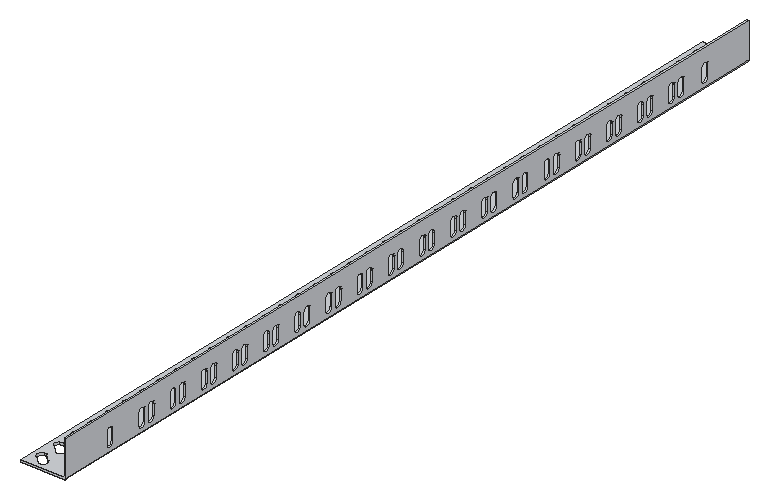
Revit family "Eurolan_Комплект профилей опорных L-типа до 150 кг", category Устройства связи, Revit 2019
Family settings
  Сохранять ориентацию аннотаций = Нет
  Размер круглого соединителя = Использовать диаметр
  Тип детали = Нормальный
  На основе рабочей плоскости = Нет
  Всегда вертикально = Да
  При загрузке вырезать с полостями = Нет
  Общий = Нет
  Точка расчета площади = Нет
Parameters (values of type "Комплект профилей опорных L-типа 1000 мм")
  Длина = 985 mm
  Выбор_графики = Комплект профилей опорных L-типа_985 : 985
  ADSK_Примечание = ""
  ADSK_Позиция = ""
  ADSK_Наименование краткое = "Комплект профилей опорных L-типа"
  ADSK_Наименование = "Комплект профилей опорных L-типа 1000 мм, до 150 кг"
  ADSK_Материал = Оценковка
  ADSK_Масса = 3.2
  ADSK_Марка = "L-типа"
  ADSK_Количество = 1  # constant formula
  ADSK_Код изделия = "60A-41-1A-11SL"
  ADSK_Завод-изготовитель = "Eurolan"  # constant formula
  ADSK_Единица измерения = "шт"  # constant formula
Types (5, lengths in mm): name | Длина | Выбор_графики | ADSK_Наименование | ADSK_Масса | ADSK_Код изделия
  (no name) | 985 | Комплект профилей опорных L-типа_985 : 985 | "Комплект профилей опорных L-типа 1000 мм, до 150 кг" | 3.2 | "60A-41-1A-11SL"
  Комплект профилей опорных L-типа 450 мм | 435 | Комплект профилей опорных L-типа_435 : 435 | "Комплект профилей опорных L-типа 450 мм, до 150 кг" | 1.4 | "60A-41-45-11SL"
  Комплект профилей опорных L-типа 580 мм | 565 | Комплект профилей опорных L-типа_565 : 565 | "Комплект профилей опорных L-типа 580 мм, до 150 кг" | 1.8 | "60A-41-58-11SL"
  Комплект профилей опорных L-типа 750 мм | 565 | Комплект профилей опорных L-типа_735 : 735 | "Комплект профилей опорных L-типа 750 мм, до 150 кг" | 2.4 | "60A-41-75-11SL"
  Комплект профилей опорных L-типа 1000 мм | 985 | Комплект профилей опорных L-типа_985 : 985 | "Комплект профилей опорных L-типа 1000 мм, до 150 кг" | 3.2 | "60A-41-1A-11SL"
Reference planes
  plane 1 "По центру (Вперед/Назад)": y = 0
  plane 2: z = 0
  plane 3 "По центру (Влево/Вправо)": x = 0
  plane 4: y = 985
Forms (mm)
  Extrusion 1, solid, material "Оценковка" <- "ADSK_Материал", detail levels coarse
    sketch origin (0, 0, 0) x (1, 0, 0) y (0, 0, 1)
      loop
        line (0, -0.058) -> (0, 42.5) -> (-53, 42.5) -> (-53, -0.058) -> (0, -0.058)
    from -985 to 0
  Extrusion 2, solid, material "Оценковка" <- "ADSK_Материал", detail levels medium
    sketch origin (0, 0, 0) x (1, 0, 0) y (0, 0, 1)
      loop
        line (-53, 1.942) -> (-53, -0.058) -> (0, -0.058) -> (0, 1.942) -> (0, 42.5) -> (-2, 42.5) -> (-2, 1.942) -> (-53, 1.942)
    from -985 to 0
Dimensions and locks
  "Длина": plane 1 "По центру (Вперед/Назад)" to plane 4
  aligned and locked: level to plane 2
  aligned and locked: plane 1 "По центру (Вперед/Назад)" to Extrusion 1
  aligned and locked: plane 1 "По центру (Вперед/Назад)" to Extrusion 2
  aligned and locked: Extrusion 2 to plane 4
  aligned and locked: Extrusion 1 to plane 4
Automatic sketch dimensions
  Extrusion 1 sketch curve to plane 3 "По центру (Влево/Вправо)" = 0 mm
  Extrusion 1 sketch curve to plane 3 "По центру (Влево/Вправо)" = 53 mm
  Extrusion 1 sketch curve to level = 0.058 mm
  level to Extrusion 1 sketch curve = 42.5 mm
  Extrusion 2 sketch curve to plane 3 "По центру (Влево/Вправо)" = 0 mm
  Extrusion 2 sketch curve to Extrusion 2 sketch curve = 2 mm
  Extrusion 2 sketch curve to Extrusion 2 sketch curve = 51 mm
  Extrusion 2 sketch curve to level = 0.058 mm
  Extrusion 2 sketch curve to Extrusion 2 sketch curve = 40.558 mm
  level to Extrusion 2 sketch curve = 1.942 mm  (x2)
Nested families
  nested 1: "Комплект профилей опорных L-типа_985" at (0, -6.5, 0), type <- "Выбор_графики", type "985", detail levels fine
Definition of nested family "Комплект профилей опорных L-типа_985"
  Parameters (values of type "985")
    Ширина = 53 mm
    Глубина_2 = 985 mm
    Высота = 42.5 mm
    ADSK_Материал = none
  Reference planes
    plane 1 "По центру (Вперед/Назад)": y = 0
    plane 2: z = -0.058
    plane 3 "По центру (Влево/Вправо)": x = 0
    plane 4: y = 991.5
    plane 5: y = 6.5
    plane 6: x = -53
    plane 7: z = 42.5
  Forms (mm)
    Extrusion 1, solid, material <- "ADSK_Материал", detail levels fine
      sketch origin (-1.409, 0, 14.93) x (-1, 0, 0) y (0, 0, -1)
        loop
          line (-1.409, -27.57) -> (0.591, -27.57) -> (0.591, 11.487)
          arc (0.591, 11.487) -> (1.031, 12.548) -> (2.092, 12.988) r 1.501
          line (2.092, 12.988) -> (51.591, 12.988) -> (51.591, 14.988) -> (0.092, 14.988)
          arc (0.092, 14.988) -> (-0.969, 14.548) -> (-1.409, 13.487) r 1.501
          line (-1.409, 13.487) -> (-1.409, -27.57)
      from -991.5 to -6.5
    Extrusion 2, void
      sketch origin (0, 0, 0) x (0, 1, 0) y (0, 0, 1)
        loop
          line (64.5, 22.721) -> (64.5, 10.529)
          arc (64.5, 10.529) -> (69.5, 5.529) -> (74.5, 10.529) r 5
          line (74.5, 10.529) -> (74.5, 22.721)
          arc (74.5, 22.721) -> (69.5, 27.721) -> (64.5, 22.721) r 5
        loop
          line (110.5, 22.721) -> (110.5, 10.529)
          arc (110.5, 10.529) -> (115.5, 5.529) -> (120.5, 10.529) r 5
          line (120.5, 10.529) -> (120.5, 22.721)
          arc (120.5, 22.721) -> (115.5, 27.721) -> (110.5, 22.721) r 5
        loop
          line (123.806, 22.721) -> (123.806, 10.529)
          arc (123.806, 10.529) -> (128.806, 5.529) -> (133.806, 10.529) r 5
          line (133.806, 10.529) -> (133.806, 22.721)
          arc (133.806, 22.721) -> (128.806, 27.721) -> (123.806, 22.721) r 5
        loop
          line (155.5, 22.721) -> (155.5, 10.529)
          arc (155.5, 10.529) -> (160.5, 5.529) -> (165.5, 10.529) r 5
          line (165.5, 10.529) -> (165.5, 22.721)
          arc (165.5, 22.721) -> (160.5, 27.721) -> (155.5, 22.721) r 5
        loop
          line (168.806, 22.721) -> (168.806, 10.529)
          arc (168.806, 10.529) -> (173.806, 5.529) -> (178.806, 10.529) r 5
          line (178.806, 10.529) -> (178.806, 22.721)
          arc (178.806, 22.721) -> (173.806, 27.721) -> (168.806, 22.721) r 5
        loop
          line (200.5, 22.721) -> (200.5, 10.529)
          arc (200.5, 10.529) -> (205.5, 5.529) -> (210.5, 10.529) r 5
          line (210.5, 10.529) -> (210.5, 22.721)
          arc (210.5, 22.721) -> (205.5, 27.721) -> (200.5, 22.721) r 5
        loop
          line (213.806, 22.721) -> (213.806, 10.529)
          arc (213.806, 10.529) -> (218.806, 5.529) -> (223.806, 10.529) r 5
          line (223.806, 10.529) -> (223.806, 22.721)
          arc (223.806, 22.721) -> (218.806, 27.721) -> (213.806, 22.721) r 5
        loop
          line (245.5, 22.721) -> (245.5, 10.529)
          arc (245.5, 10.529) -> (250.5, 5.529) -> (255.5, 10.529) r 5
          line (255.5, 10.529) -> (255.5, 22.721)
          arc (255.5, 22.721) -> (250.5, 27.721) -> (245.5, 22.721) r 5
        loop
          line (258.806, 22.721) -> (258.806, 10.529)
          arc (258.806, 10.529) -> (263.806, 5.529) -> (268.806, 10.529) r 5
          line (268.806, 10.529) -> (268.806, 22.721)
          arc (268.806, 22.721) -> (263.806, 27.721) -> (258.806, 22.721) r 5
        loop
          line (290.5, 22.721) -> (290.5, 10.529)
          arc (290.5, 10.529) -> (295.5, 5.529) -> (300.5, 10.529) r 5
          line (300.5, 10.529) -> (300.5, 22.721)
          arc (300.5, 22.721) -> (295.5, 27.721) -> (290.5, 22.721) r 5
        loop
          line (303.806, 22.721) -> (303.806, 10.529)
          arc (303.806, 10.529) -> (308.806, 5.529) -> (313.806, 10.529) r 5
          line (313.806, 10.529) -> (313.806, 22.721)
          arc (313.806, 22.721) -> (308.806, 27.721) -> (303.806, 22.721) r 5
        loop
          line (335.5, 22.721) -> (335.5, 10.529)
          arc (335.5, 10.529) -> (340.5, 5.529) -> (345.5, 10.529) r 5
          line (345.5, 10.529) -> (345.5, 22.721)
          arc (345.5, 22.721) -> (340.5, 27.721) -> (335.5, 22.721) r 5
        loop
          line (348.806, 22.721) -> (348.806, 10.529)
          arc (348.806, 10.529) -> (353.806, 5.529) -> (358.806, 10.529) r 5
          line (358.806, 10.529) -> (358.806, 22.721)
          arc (358.806, 22.721) -> (353.806, 27.721) -> (348.806, 22.721) r 5
        loop
          line (380.5, 22.721) -> (380.5, 10.529)
          arc (380.5, 10.529) -> (385.5, 5.529) -> (390.5, 10.529) r 5
          line (390.5, 10.529) -> (390.5, 22.721)
          arc (390.5, 22.721) -> (385.5, 27.721) -> (380.5, 22.721) r 5
        loop
          line (393.806, 22.721) -> (393.806, 10.529)
          arc (393.806, 10.529) -> (398.806, 5.529) -> (403.806, 10.529) r 5
          line (403.806, 10.529) -> (403.806, 22.721)
          arc (403.806, 22.721) -> (398.806, 27.721) -> (393.806, 22.721) r 5
        loop
          line (425.5, 22.721) -> (425.5, 10.529)
          arc (425.5, 10.529) -> (430.5, 5.529) -> (435.5, 10.529) r 5
          line (435.5, 10.529) -> (435.5, 22.721)
          arc (435.5, 22.721) -> (430.5, 27.721) -> (425.5, 22.721) r 5
        loop
          line (438.806, 22.721) -> (438.806, 10.529)
          arc (438.806, 10.529) -> (443.806, 5.529) -> (448.806, 10.529) r 5
          line (448.806, 10.529) -> (448.806, 22.721)
          arc (448.806, 22.721) -> (443.806, 27.721) -> (438.806, 22.721) r 5
        loop
          line (470.5, 22.721) -> (470.5, 10.529)
          arc (470.5, 10.529) -> (475.5, 5.529) -> (480.5, 10.529) r 5
          line (480.5, 10.529) -> (480.5, 22.721)
          arc (480.5, 22.721) -> (475.5, 27.721) -> (470.5, 22.721) r 5
        loop
          line (483.806, 22.721) -> (483.806, 10.529)
          arc (483.806, 10.529) -> (488.806, 5.529) -> (493.806, 10.529) r 5
          line (493.806, 10.529) -> (493.806, 22.721)
          arc (493.806, 22.721) -> (488.806, 27.721) -> (483.806, 22.721) r 5
        loop
          line (515.5, 22.721) -> (515.5, 10.529)
          arc (515.5, 10.529) -> (520.5, 5.529) -> (525.5, 10.529) r 5
          line (525.5, 10.529) -> (525.5, 22.721)
          arc (525.5, 22.721) -> (520.5, 27.721) -> (515.5, 22.721) r 5
        loop
          line (528.806, 22.721) -> (528.806, 10.529)
          arc (528.806, 10.529) -> (533.806, 5.529) -> (538.806, 10.529) r 5
          line (538.806, 10.529) -> (538.806, 22.721)
          arc (538.806, 22.721) -> (533.806, 27.721) -> (528.806, 22.721) r 5
        loop
          line (560.5, 22.721) -> (560.5, 10.529)
          arc (560.5, 10.529) -> (565.5, 5.529) -> (570.5, 10.529) r 5
          line (570.5, 10.529) -> (570.5, 22.721)
          arc (570.5, 22.721) -> (565.5, 27.721) -> (560.5, 22.721) r 5
        loop
          line (573.806, 22.721) -> (573.806, 10.529)
          arc (573.806, 10.529) -> (578.806, 5.529) -> (583.806, 10.529) r 5
          line (583.806, 10.529) -> (583.806, 22.721)
          arc (583.806, 22.721) -> (578.806, 27.721) -> (573.806, 22.721) r 5
        loop
          line (605.5, 22.721) -> (605.5, 10.529)
          arc (605.5, 10.529) -> (610.5, 5.529) -> (615.5, 10.529) r 5
          line (615.5, 10.529) -> (615.5, 22.721)
          arc (615.5, 22.721) -> (610.5, 27.721) -> (605.5, 22.721) r 5
        loop
          line (618.806, 22.721) -> (618.806, 10.529)
          arc (618.806, 10.529) -> (623.806, 5.529) -> (628.806, 10.529) r 5
          line (628.806, 10.529) -> (628.806, 22.721)
          arc (628.806, 22.721) -> (623.806, 27.721) -> (618.806, 22.721) r 5
        loop
          line (650.5, 22.721) -> (650.5, 10.529)
          arc (650.5, 10.529) -> (655.5, 5.529) -> (660.5, 10.529) r 5
          line (660.5, 10.529) -> (660.5, 22.721)
          arc (660.5, 22.721) -> (655.5, 27.721) -> (650.5, 22.721) r 5
        loop
          line (663.806, 22.721) -> (663.806, 10.529)
          arc (663.806, 10.529) -> (668.806, 5.529) -> (673.806, 10.529) r 5
          line (673.806, 10.529) -> (673.806, 22.721)
          arc (673.806, 22.721) -> (668.806, 27.721) -> (663.806, 22.721) r 5
        loop
          line (695.5, 22.721) -> (695.5, 10.529)
          arc (695.5, 10.529) -> (700.5, 5.529) -> (705.5, 10.529) r 5
          line (705.5, 10.529) -> (705.5, 22.721)
          arc (705.5, 22.721) -> (700.5, 27.721) -> (695.5, 22.721) r 5
        loop
          line (708.806, 22.721) -> (708.806, 10.529)
          arc (708.806, 10.529) -> (713.806, 5.529) -> (718.806, 10.529) r 5
          line (718.806, 10.529) -> (718.806, 22.721)
          arc (718.806, 22.721) -> (713.806, 27.721) -> (708.806, 22.721) r 5
        loop
          line (740.5, 22.721) -> (740.5, 10.529)
          arc (740.5, 10.529) -> (745.5, 5.529) -> (750.5, 10.529) r 5
          line (750.5, 10.529) -> (750.5, 22.721)
          arc (750.5, 22.721) -> (745.5, 27.721) -> (740.5, 22.721) r 5
        loop
          line (753.806, 22.721) -> (753.806, 10.529)
          arc (753.806, 10.529) -> (758.806, 5.529) -> (763.806, 10.529) r 5
          line (763.806, 10.529) -> (763.806, 22.721)
          arc (763.806, 22.721) -> (758.806, 27.721) -> (753.806, 22.721) r 5
        loop
          line (785.5, 22.721) -> (785.5, 10.529)
          arc (785.5, 10.529) -> (790.5, 5.529) -> (795.5, 10.529) r 5
          line (795.5, 10.529) -> (795.5, 22.721)
          arc (795.5, 22.721) -> (790.5, 27.721) -> (785.5, 22.721) r 5
        loop
          line (798.806, 22.721) -> (798.806, 10.529)
          arc (798.806, 10.529) -> (803.806, 5.529) -> (808.806, 10.529) r 5
          line (808.806, 10.529) -> (808.806, 22.721)
          arc (808.806, 22.721) -> (803.806, 27.721) -> (798.806, 22.721) r 5
        loop
          line (830.5, 22.721) -> (830.5, 10.529)
          arc (830.5, 10.529) -> (835.5, 5.529) -> (840.5, 10.529) r 5
          line (840.5, 10.529) -> (840.5, 22.721)
          arc (840.5, 22.721) -> (835.5, 27.721) -> (830.5, 22.721) r 5
        loop
          line (843.806, 22.721) -> (843.806, 10.529)
          arc (843.806, 10.529) -> (848.806, 5.529) -> (853.806, 10.529) r 5
          line (853.806, 10.529) -> (853.806, 22.721)
          arc (853.806, 22.721) -> (848.806, 27.721) -> (843.806, 22.721) r 5
        loop
          line (875.5, 22.721) -> (875.5, 10.529)
          arc (875.5, 10.529) -> (880.5, 5.529) -> (885.5, 10.529) r 5
          line (885.5, 10.529) -> (885.5, 22.721)
          arc (885.5, 22.721) -> (880.5, 27.721) -> (875.5, 22.721) r 5
        loop
          line (888.806, 22.721) -> (888.806, 10.529)
          arc (888.806, 10.529) -> (893.806, 5.529) -> (898.806, 10.529) r 5
          line (898.806, 10.529) -> (898.806, 22.721)
          arc (898.806, 22.721) -> (893.806, 27.721) -> (888.806, 22.721) r 5
        loop
          arc (933.5, 22.721) -> (928.5, 27.721) -> (923.5, 22.721) r 5
          line (923.5, 22.721) -> (923.5, 10.529)
          arc (923.5, 10.529) -> (928.5, 5.529) -> (933.5, 10.529) r 5
          line (933.5, 10.529) -> (933.5, 22.721)
      from -2 to 0
    Extrusion 3, void
      sketch origin (0, 0, 0) x (1, 0, 0) y (0, 1, 0)
        loop
          line (-46.539, 21.232) -> (-37.918, 12.611)
          arc (-37.918, 12.611) -> (-30.847, 12.611) -> (-30.847, 19.682) r 5
          line (-30.847, 19.682) -> (-39.468, 28.303)
          arc (-39.468, 28.303) -> (-46.539, 28.303) -> (-46.539, 21.232) r 5
        loop
          line (-46.539, 46.232) -> (-37.918, 37.611)
          arc (-37.918, 37.611) -> (-30.847, 37.611) -> (-30.847, 44.682) r 5
          line (-30.847, 44.682) -> (-39.468, 53.303)
          arc (-39.468, 53.303) -> (-46.539, 53.303) -> (-46.539, 46.232) r 5
        loop
          line (-46.539, 71.232) -> (-37.918, 62.611)
          arc (-37.918, 62.611) -> (-30.847, 62.611) -> (-30.847, 69.682) r 5
          line (-30.847, 69.682) -> (-39.468, 78.303)
          arc (-39.468, 78.303) -> (-46.539, 78.303) -> (-46.539, 71.232) r 5
        loop
          line (-46.539, 96.232) -> (-37.918, 87.611)
          arc (-37.918, 87.611) -> (-30.847, 87.611) -> (-30.847, 94.682) r 5
          line (-30.847, 94.682) -> (-39.468, 103.303)
          arc (-39.468, 103.303) -> (-46.539, 103.303) -> (-46.539, 96.232) r 5
        loop
          line (-46.539, 121.232) -> (-37.918, 112.611)
          arc (-37.918, 112.611) -> (-30.847, 112.611) -> (-30.847, 119.682) r 5
          line (-30.847, 119.682) -> (-39.468, 128.303)
          arc (-39.468, 128.303) -> (-46.539, 128.303) -> (-46.539, 121.232) r 5
        loop
          line (-46.539, 146.232) -> (-37.918, 137.611)
          arc (-37.918, 137.611) -> (-30.847, 137.611) -> (-30.847, 144.682) r 5
          line (-30.847, 144.682) -> (-39.468, 153.303)
          arc (-39.468, 153.303) -> (-46.539, 153.303) -> (-46.539, 146.232) r 5
        loop
          line (-46.539, 171.232) -> (-37.918, 162.611)
          arc (-37.918, 162.611) -> (-30.847, 162.611) -> (-30.847, 169.682) r 5
          line (-30.847, 169.682) -> (-39.468, 178.303)
          arc (-39.468, 178.303) -> (-46.539, 178.303) -> (-46.539, 171.232) r 5
        loop
          line (-46.539, 196.232) -> (-37.918, 187.611)
          arc (-37.918, 187.611) -> (-30.847, 187.611) -> (-30.847, 194.682) r 5
          line (-30.847, 194.682) -> (-39.468, 203.303)
          arc (-39.468, 203.303) -> (-46.539, 203.303) -> (-46.539, 196.232) r 5
        loop
          line (-46.539, 221.232) -> (-37.918, 212.611)
          arc (-37.918, 212.611) -> (-30.847, 212.611) -> (-30.847, 219.682) r 5
          line (-30.847, 219.682) -> (-39.468, 228.303)
          arc (-39.468, 228.303) -> (-46.539, 228.303) -> (-46.539, 221.232) r 5
        loop
          line (-46.539, 246.232) -> (-37.918, 237.611)
          arc (-37.918, 237.611) -> (-30.847, 237.611) -> (-30.847, 244.682) r 5
          line (-30.847, 244.682) -> (-39.468, 253.303)
          arc (-39.468, 253.303) -> (-46.539, 253.303) -> (-46.539, 246.232) r 5
        loop
          line (-46.539, 271.232) -> (-37.918, 262.611)
          arc (-37.918, 262.611) -> (-30.847, 262.611) -> (-30.847, 269.682) r 5
          line (-30.847, 269.682) -> (-39.468, 278.303)
          arc (-39.468, 278.303) -> (-46.539, 278.303) -> (-46.539, 271.232) r 5
        loop
          line (-46.539, 296.232) -> (-37.918, 287.611)
          arc (-37.918, 287.611) -> (-30.847, 287.611) -> (-30.847, 294.682) r 5
          line (-30.847, 294.682) -> (-39.468, 303.303)
          arc (-39.468, 303.303) -> (-46.539, 303.303) -> (-46.539, 296.232) r 5
        loop
          line (-46.539, 321.232) -> (-37.918, 312.611)
          arc (-37.918, 312.611) -> (-30.847, 312.611) -> (-30.847, 319.682) r 5
          line (-30.847, 319.682) -> (-39.468, 328.303)
          arc (-39.468, 328.303) -> (-46.539, 328.303) -> (-46.539, 321.232) r 5
        loop
          line (-46.539, 346.232) -> (-37.918, 337.611)
          arc (-37.918, 337.611) -> (-30.847, 337.611) -> (-30.847, 344.682) r 5
          line (-30.847, 344.682) -> (-39.468, 353.303)
          arc (-39.468, 353.303) -> (-46.539, 353.303) -> (-46.539, 346.232) r 5
        loop
          line (-46.539, 371.232) -> (-37.918, 362.611)
          arc (-37.918, 362.611) -> (-30.847, 362.611) -> (-30.847, 369.682) r 5
          line (-30.847, 369.682) -> (-39.468, 378.303)
          arc (-39.468, 378.303) -> (-46.539, 378.303) -> (-46.539, 371.232) r 5
        loop
          line (-46.539, 396.232) -> (-37.918, 387.611)
          arc (-37.918, 387.611) -> (-30.847, 387.611) -> (-30.847, 394.682) r 5
          line (-30.847, 394.682) -> (-39.468, 403.303)
          arc (-39.468, 403.303) -> (-46.539, 403.303) -> (-46.539, 396.232) r 5
        loop
          line (-46.539, 421.232) -> (-37.918, 412.611)
          arc (-37.918, 412.611) -> (-30.847, 412.611) -> (-30.847, 419.682) r 5
          line (-30.847, 419.682) -> (-39.468, 428.303)
          arc (-39.468, 428.303) -> (-46.539, 428.303) -> (-46.539, 421.232) r 5
        loop
          line (-46.539, 446.232) -> (-37.918, 437.611)
          arc (-37.918, 437.611) -> (-30.847, 437.611) -> (-30.847, 444.682) r 5
          line (-30.847, 444.682) -> (-39.468, 453.303)
          arc (-39.468, 453.303) -> (-46.539, 453.303) -> (-46.539, 446.232) r 5
        loop
          line (-46.539, 471.232) -> (-37.918, 462.611)
          arc (-37.918, 462.611) -> (-30.847, 462.611) -> (-30.847, 469.682) r 5
          line (-30.847, 469.682) -> (-39.468, 478.303)
          arc (-39.468, 478.303) -> (-46.539, 478.303) -> (-46.539, 471.232) r 5
        loop
          line (-46.539, 496.232) -> (-37.918, 487.611)
          arc (-37.918, 487.611) -> (-30.847, 487.611) -> (-30.847, 494.682) r 5
          line (-30.847, 494.682) -> (-39.468, 503.303)
          arc (-39.468, 503.303) -> (-46.539, 503.303) -> (-46.539, 496.232) r 5
        loop
          line (-46.539, 521.232) -> (-37.918, 512.611)
          arc (-37.918, 512.611) -> (-30.847, 512.611) -> (-30.847, 519.682) r 5
          line (-30.847, 519.682) -> (-39.468, 528.303)
          arc (-39.468, 528.303) -> (-46.539, 528.303) -> (-46.539, 521.232) r 5
        loop
          line (-46.539, 546.232) -> (-37.918, 537.611)
          arc (-37.918, 537.611) -> (-30.847, 537.611) -> (-30.847, 544.682) r 5
          line (-30.847, 544.682) -> (-39.468, 553.303)
          arc (-39.468, 553.303) -> (-46.539, 553.303) -> (-46.539, 546.232) r 5
        loop
          line (-46.539, 571.232) -> (-37.918, 562.611)
          arc (-37.918, 562.611) -> (-30.847, 562.611) -> (-30.847, 569.682) r 5
          line (-30.847, 569.682) -> (-39.468, 578.303)
          arc (-39.468, 578.303) -> (-46.539, 578.303) -> (-46.539, 571.232) r 5
        loop
          line (-46.539, 596.232) -> (-37.918, 587.611)
          arc (-37.918, 587.611) -> (-30.847, 587.611) -> (-30.847, 594.682) r 5
          line (-30.847, 594.682) -> (-39.468, 603.303)
          arc (-39.468, 603.303) -> (-46.539, 603.303) -> (-46.539, 596.232) r 5
        loop
          line (-46.539, 621.232) -> (-37.918, 612.611)
          arc (-37.918, 612.611) -> (-30.847, 612.611) -> (-30.847, 619.682) r 5
          line (-30.847, 619.682) -> (-39.468, 628.303)
          arc (-39.468, 628.303) -> (-46.539, 628.303) -> (-46.539, 621.232) r 5
        loop
          line (-46.539, 646.232) -> (-37.918, 637.611)
          arc (-37.918, 637.611) -> (-30.847, 637.611) -> (-30.847, 644.682) r 5
          line (-30.847, 644.682) -> (-39.468, 653.303)
          arc (-39.468, 653.303) -> (-46.539, 653.303) -> (-46.539, 646.232) r 5
        loop
          line (-46.539, 671.232) -> (-37.918, 662.611)
          arc (-37.918, 662.611) -> (-30.847, 662.611) -> (-30.847, 669.682) r 5
          line (-30.847, 669.682) -> (-39.468, 678.303)
          arc (-39.468, 678.303) -> (-46.539, 678.303) -> (-46.539, 671.232) r 5
        loop
          line (-46.539, 696.232) -> (-37.918, 687.611)
          arc (-37.918, 687.611) -> (-30.847, 687.611) -> (-30.847, 694.682) r 5
          line (-30.847, 694.682) -> (-39.468, 703.303)
          arc (-39.468, 703.303) -> (-46.539, 703.303) -> (-46.539, 696.232) r 5
        loop
          line (-46.539, 721.232) -> (-37.918, 712.611)
          arc (-37.918, 712.611) -> (-30.847, 712.611) -> (-30.847, 719.682) r 5
          line (-30.847, 719.682) -> (-39.468, 728.303)
          arc (-39.468, 728.303) -> (-46.539, 728.303) -> (-46.539, 721.232) r 5
        loop
          line (-46.539, 746.232) -> (-37.918, 737.611)
          arc (-37.918, 737.611) -> (-30.847, 737.611) -> (-30.847, 744.682) r 5
          line (-30.847, 744.682) -> (-39.468, 753.303)
          arc (-39.468, 753.303) -> (-46.539, 753.303) -> (-46.539, 746.232) r 5
        loop
          line (-46.539, 771.232) -> (-37.918, 762.611)
          arc (-37.918, 762.611) -> (-30.847, 762.611) -> (-30.847, 769.682) r 5
          line (-30.847, 769.682) -> (-39.468, 778.303)
          arc (-39.468, 778.303) -> (-46.539, 778.303) -> (-46.539, 771.232) r 5
        loop
          line (-46.539, 796.232) -> (-37.918, 787.611)
          arc (-37.918, 787.611) -> (-30.847, 787.611) -> (-30.847, 794.682) r 5
          line (-30.847, 794.682) -> (-39.468, 803.303)
          arc (-39.468, 803.303) -> (-46.539, 803.303) -> (-46.539, 796.232) r 5
        loop
          line (-46.539, 821.232) -> (-37.918, 812.611)
          arc (-37.918, 812.611) -> (-30.847, 812.611) -> (-30.847, 819.682) r 5
          line (-30.847, 819.682) -> (-39.468, 828.303)
          arc (-39.468, 828.303) -> (-46.539, 828.303) -> (-46.539, 821.232) r 5
        loop
          line (-46.539, 846.232) -> (-37.918, 837.611)
          arc (-37.918, 837.611) -> (-30.847, 837.611) -> (-30.847, 844.682) r 5
          line (-30.847, 844.682) -> (-39.468, 853.303)
          arc (-39.468, 853.303) -> (-46.539, 853.303) -> (-46.539, 846.232) r 5
        loop
          line (-46.539, 871.232) -> (-37.918, 862.611)
          arc (-37.918, 862.611) -> (-30.847, 862.611) -> (-30.847, 869.682) r 5
          line (-30.847, 869.682) -> (-39.468, 878.303)
          arc (-39.468, 878.303) -> (-46.539, 878.303) -> (-46.539, 871.232) r 5
        loop
          line (-46.539, 896.232) -> (-37.918, 887.611)
          arc (-37.918, 887.611) -> (-30.847, 887.611) -> (-30.847, 894.682) r 5
          line (-30.847, 894.682) -> (-39.468, 903.303)
          arc (-39.468, 903.303) -> (-46.539, 903.303) -> (-46.539, 896.232) r 5
        loop
          line (-46.539, 921.232) -> (-37.918, 912.611)
          arc (-37.918, 912.611) -> (-30.847, 912.611) -> (-30.847, 919.682) r 5
          line (-30.847, 919.682) -> (-39.468, 928.303)
          arc (-39.468, 928.303) -> (-46.539, 928.303) -> (-46.539, 921.232) r 5
        loop
          line (-46.539, 946.232) -> (-37.918, 937.611)
          arc (-37.918, 937.611) -> (-30.847, 937.611) -> (-30.847, 944.682) r 5
          line (-30.847, 944.682) -> (-39.468, 953.303)
          arc (-39.468, 953.303) -> (-46.539, 953.303) -> (-46.539, 946.232) r 5
        loop
          line (-46.539, 971.232) -> (-37.918, 962.611)
          arc (-37.918, 962.611) -> (-30.847, 962.611) -> (-30.847, 969.682) r 5
          line (-30.847, 969.682) -> (-39.468, 978.303)
          arc (-39.468, 978.303) -> (-46.539, 978.303) -> (-46.539, 971.232) r 5
      from 0 to 1.942
  Cuts and joins
    Extrusion 2, Extrusion 3 cuts Extrusion 1
  Dimensions and locks
    "Глубина_2": plane 5 to plane 4
    "Ширина": plane 3 "По центру (Влево/Вправо)" to plane 6
    "Высота": plane 7 to level
    aligned and locked: level to plane 2
    aligned and locked: plane 5 to Extrusion 1
    aligned and locked: Extrusion 1 to plane 4
    aligned and locked: plane 7 to Extrusion 1
    aligned and locked: plane 3 "По центру (Влево/Вправо)" to Extrusion 1
    aligned and locked: Extrusion 1 to plane 6
    aligned and locked: Extrusion 1 to Extrusion 2
    aligned and locked: plane 3 "По центру (Влево/Вправо)" to Extrusion 2
    aligned and locked: Extrusion 1 to Extrusion 3
  Automatic sketch dimensions
    plane 3 "По центру (Влево/Вправо)" to Extrusion 1 sketch curve = 0 mm
    Extrusion 1 sketch curve to Extrusion 1 sketch curve = 2 mm  (x2)
    Extrusion 1 sketch curve to Extrusion 1 sketch curve = 1.501 mm  (x2)
    Extrusion 1 sketch curve to plane 2 = 2 mm
    Extrusion 1 sketch curve to Extrusion 1 sketch curve = 49.499 mm
    Extrusion 1 sketch curve to level = 42.5 mm
    Extrusion 2 sketch curve to plane 5 = 58 mm
    Extrusion 2 sketch curve to Extrusion 2 sketch curve = 5 mm  (x38)
    Extrusion 2 sketch curve to Extrusion 2 sketch curve = 36 mm
    Extrusion 2 sketch curve to Extrusion 2 sketch curve = 3.306 mm  (x18)
    Extrusion 2 sketch curve to Extrusion 2 sketch curve = 21.694 mm  (x17)
    Extrusion 2 sketch curve to Extrusion 2 sketch curve = 24.694 mm
    level to Extrusion 2 sketch curve = 10.529 mm  (x20)
    Extrusion 2 sketch curve to Extrusion 2 sketch curve = 0 mm  (x36)
    Extrusion 2 sketch curve to Extrusion 2 sketch curve = 12.192 mm  (x20)
    plane 6 to Extrusion 3 sketch curve = 6.461 mm  (x39)
    Extrusion 3 sketch curve to Extrusion 3 sketch curve = 3.536 mm  (x233)
    Extrusion 3 sketch curve to Extrusion 3 sketch curve = 1.55 mm  (x38)
    Extrusion 3 sketch curve to plane 5 = 6.111 mm
    Extrusion 3 sketch curve to Extrusion 3 sketch curve = 8.621 mm  (x40)
    Extrusion 3 sketch curve to plane 5 = 13.182 mm
    Extrusion 3 sketch curve to Extrusion 3 sketch curve = 9.308 mm  (x38)
